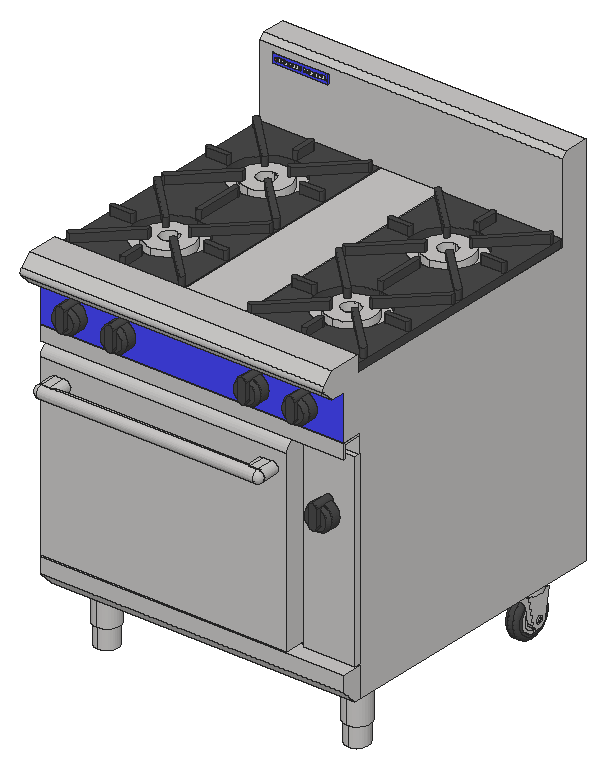
Revit family "QF_MOFFAT_BLUESEAL_CE_G54D", category Specialty Equipment, Revit 2012 (continued)
Lines and regions (mm)
  symbolic lines
    curve 138: arc (600, -152.5, 150) -> (685, -237.5, 150) -> (600, -322.5, 150) r 85
    curve 139: arc (600, -180.5, 150) -> (543, -237.5, 150) -> (600, -294.5, 150) r 57
    curve 140: arc (600, -294.5, 150) -> (657, -237.5, 150) -> (600, -180.5, 150) r 57
    curve 141: arc (600, -259.5, 150) -> (578, -237.5, 150) -> (600, -215.5, 150) r 22
    curve 142: arc (600, -215.5, 150) -> (622, -237.5, 150) -> (600, -259.5, 150) r 22
    curve 143: line (149.988, -331.778, 0) -> (149.988, -448.358, 0)
    curve 144: line (150.034, -681.268, 0) -> (150.034, -628.558, 0)
    curve 145: line (9.26, -537.634, 0) -> (59.26, -537.634, 0)
    curve 146: line (178.593, -512.407, 0) -> (291.73, -399.27, 0)
    curve 147: line (291.767, -537.634, 0) -> (240.041, -537.634, 0)
    curve 148: arc (150, -480.5, 150) -> (207, -537.5, 150) -> (150, -594.5, 150) r 57
    curve 149: arc (150, -594.5, 150) -> (93, -537.5, 150) -> (150, -480.5, 150) r 57
    curve 150: arc (150, -622.768, 150) -> (235, -537.768, 150) -> (150, -452.768, 150) r 85
    curve 151: arc (150, -452.768, 150) -> (65, -537.768, 150) -> (150, -622.768, 150) r 85
    curve 152: arc (150, -515.5, 150) -> (128, -537.5, 150) -> (150, -559.5, 150) r 22
    curve 153: arc (150, -559.5, 150) -> (172, -537.5, 150) -> (150, -515.5, 150) r 22
    curve 154: line (121.407, -512.407, 0) -> (8.27, -399.27, 0)
    curve 155: line (178.593, -562.593, 0) -> (291.73, -675.73, 0)
    curve 156: line (121.407, -562.593, 0) -> (8.27, -675.73, 0)
    curve 157: line (150.034, -96.281, 0) -> (150.034, -149.16, 0)
    curve 158: line (178.593, -269.593, 0) -> (291.73, -382.73, 0)
    curve 159: line (121.407, -269.593, 0) -> (8.27, -382.73, 0)
    curve 160: line (9.26, -241, 0) -> (59.26, -241, 0)
    curve 161: line (291.767, -241, 0) -> (240.041, -241, 0)
    curve 162: arc (150, -322.5, 150) -> (235, -237.5, 150) -> (150, -152.5, 150) r 85
    curve 163: arc (150, -152.5, 150) -> (65, -237.5, 150) -> (150, -322.5, 150) r 85
    curve 164: arc (150, -180.5, 150) -> (207, -237.5, 150) -> (150, -294.5, 150) r 57
    curve 165: arc (150, -294.5, 150) -> (93, -237.5, 150) -> (150, -180.5, 150) r 57
    curve 166: arc (150, -259.5, 150) -> (172, -237.5, 150) -> (150, -215.5, 150) r 22
    curve 167: arc (150, -215.5, 150) -> (128, -237.5, 150) -> (150, -259.5, 150) r 22
    curve 168: line (178.593, -205.407, 0) -> (291.73, -92.27, 0)
    curve 169: line (121.407, -205.407, 0) -> (8.27, -92.27, 0)
    curve 170: line (32.794, -18.385, 150) -> (260.753, -18.385, 150)
    curve 171: arc (260.753, -18.385, 150) -> (265.753, -19.725, 150) -> (269.413, -23.385, 150) r 10
    curve 172: line (269.413, -23.385, 150) -> (273.455, -30.385, 150)
    curve 173: arc (273.455, -30.385, 150) -> (273.455, -40.385, 150) -> (264.794, -45.385, 150) r 10
    curve 174: line (264.794, -45.385, 150) -> (36.836, -45.385, 150)
    curve 175: arc (36.836, -45.385, 150) -> (31.836, -44.045, 150) -> (28.176, -40.385, 150) r 10
    curve 176: line (28.176, -40.385, 150) -> (24.134, -33.385, 150)
    curve 177: arc (24.134, -33.385, 150) -> (24.134, -23.385, 150) -> (32.794, -18.385, 150) r 10
    curve 178: line (710.753, -18.385, 150) -> (482.794, -18.385, 150)
    curve 179: arc (482.794, -18.385, 150) -> (474.134, -23.385, 150) -> (474.134, -33.385, 150) r 10
    curve 180: line (474.134, -33.385, 150) -> (478.176, -40.385, 150)
    curve 181: arc (478.176, -40.385, 150) -> (481.836, -44.045, 150) -> (486.836, -45.385, 150) r 10
    curve 182: line (486.836, -45.385, 150) -> (714.794, -45.385, 150)
    curve 183: arc (714.794, -45.385, 150) -> (723.455, -40.385, 150) -> (723.455, -30.385, 150) r 10
    curve 184: line (723.455, -30.385, 150) -> (719.413, -23.385, 150)
    curve 185: arc (719.413, -23.385, 150) -> (715.753, -19.725, 150) -> (710.753, -18.385, 150) r 10
    curve 186: line (0, -783.97, 150) -> (750, -783.97, 150)
    curve 187: line (0, -57.5, 150) -> (750, -57.5, 150)
  symbolic lines, style "QF_Door-Drawer Clearances", visible <- "Show Clearance"
    curve 116: line (0, -812, 0) -> (0, -1211.516, 0)
    curve 117: line (0, -1211.516, 0) -> (610, -1211.516, 0)
    curve 118: line (610, -1211.516, 0) -> (610, -812, 0)
Dimensions and locks
  equal spacing: plane 3 "LEFT", plane 7 "Center Y", plane 4 "RIGHT"
  "Width": plane 3 "LEFT" to plane 4 "RIGHT"
  equal spacing: plane 5 "FRONT", plane 8 "Center X", plane 1 "BACK"
  "Depth": plane 5 "FRONT" to plane 1 "BACK"
  equal spacing: plane 4 "RIGHT", plane 7 "Center Y", plane 3 "LEFT"
  plane 4 "RIGHT" to plane 3 "LEFT" = 750 mm
  plane 6 "TOP" to level = 970 mm  (x2)
  Extrusion 2 to level = 655 mm
  Extrusion 2 to plane 1 "BACK" = 32 mm
  plane 5 "FRONT" to plane 1 "BACK" = 812 mm
  Extrusion 1 to level = 915 mm
  plane 10 "Base Height" to level = 150 mm
  plane 6 "TOP" to plane 2 = 970 mm
  locked: plane 2 to Extrusion 1 sketch curve at 875
  locked: plane 2 to Extrusion 1 sketch curve at 915
  Extrusion 4 sketch curve to plane 11 = 64.8 mm
  locked: plane 13 to plane 4 "RIGHT" at 65
  plane 14 to Extrusion 9 sketch curve = 64.8 mm
  plane 1 "BACK" to plane 15 = 500 mm
  plane 17 to level = 1085 mm
  Extrusion 29 sketch curve to plane 1 "BACK" = 501 mm
  Extrusion 29 sketch curve to plane 4 "RIGHT" = 74 mm
  "Height": plane 17 to level
  Revolve 33 sketch curve to Revolve 33 sketch curve = 50.8 mm
  Revolve 37 sketch curve to Revolve 37 sketch curve = 50.8 mm
  aligned and locked: level to plane 2
  aligned and locked: curve 3 to plane 4 "RIGHT"
  aligned and locked: Extrusion 4 to curve 7
  aligned and locked: Extrusion 1 to plane 4 "RIGHT"
  aligned and locked: Revolve 6 to plane 13  (x5)
  aligned and locked: Extrusion 7 to Extrusion 4
Automatic sketch dimensions
  plane 12 to Extrusion 2 sketch curve = 0.062 mm
  plane 1 "BACK" to Extrusion 2 sketch curve = 32 mm
  Revolve 3 sketch curve to plane 10 "Base Height" = 0 mm
  Revolve 3 sketch curve to level = 0 mm
  level to Revolve 3 sketch curve = 50 mm
  Revolve 3 sketch curve to plane 5 "FRONT" = 155.25 mm
  Revolve 3 sketch curve to Revolve 3 sketch curve = 4.25 mm
  Revolve 3 sketch curve to Revolve 3 sketch curve = 27.5 mm  (x2)
  Revolve 3 sketch curve to Revolve 3 sketch curve = 55 mm
  Revolve 3 sketch curve to Revolve 3 sketch curve = 0 mm
  Revolve 6 sketch curve to plane 10 "Base Height" = 0 mm
  Revolve 6 sketch curve to level = 0 mm
  level to Revolve 6 sketch curve = 50 mm
  Revolve 6 sketch curve to plane 5 "FRONT" = 155.25 mm
  Revolve 6 sketch curve to Revolve 6 sketch curve = 4.25 mm
  Revolve 6 sketch curve to Revolve 6 sketch curve = 27.5 mm  (x2)
  Revolve 6 sketch curve to Revolve 6 sketch curve = 0 mm
  Revolve 6 sketch curve to Revolve 6 sketch curve = 55 mm
  plane 12 to Extrusion 8 sketch curve = 5 mm
  Extrusion 8 sketch curve to plane 6 "TOP" = 277.5 mm
  Extrusion 8 sketch curve to plane 12 = 10 mm
  plane 10 "Base Height" to Extrusion 8 sketch curve = 77.5 mm
  Revolve 10 sketch curve to plane 5 "FRONT" = 63 mm
  Revolve 10 sketch curve to Revolve 10 sketch curve = 10 mm
  Revolve 10 sketch curve to Revolve 10 sketch curve = 21.3 mm
  Revolve 10 sketch curve to Revolve 10 sketch curve = 23 mm
  Revolve 10 sketch curve to plane 5 "FRONT" = 19 mm
  Revolve 10 sketch curve to Revolve 10 sketch curve = 0 mm  (x2)
  Revolve 10 sketch curve to plane 6 "TOP" = 174 mm
  Revolve 10 sketch curve to Revolve 10 sketch curve = 5 mm
  Revolve 10 sketch curve to Revolve 10 sketch curve = 26.651 mm
  Revolve 10 sketch curve to Revolve 10 sketch curve = 5.849 mm
  Revolve 11 sketch curve to plane 5 "FRONT" = 19 mm
  Revolve 11 sketch curve to Revolve 11 sketch curve = 0 mm  (x2)
  Revolve 11 sketch curve to Revolve 11 sketch curve = 11 mm
  Revolve 11 sketch curve to Revolve 11 sketch curve = 12.7 mm
  Revolve 11 sketch curve to Revolve 11 sketch curve = 23 mm
  Revolve 11 sketch curve to Revolve 11 sketch curve = 10 mm
  Revolve 11 sketch curve to plane 6 "TOP" = 141.732 mm
  Revolve 11 sketch curve to Revolve 11 sketch curve = 5.849 mm
  Revolve 11 sketch curve to Revolve 11 sketch curve = 27.5 mm
  Revolve 11 sketch curve to Revolve 11 sketch curve = 5 mm
  plane 3 "LEFT" to Extrusion 12 sketch curve = 100 mm
  Extrusion 12 sketch curve to Extrusion 12 sketch curve = 10 mm
  Extrusion 12 sketch curve to plane 6 "TOP" = 147.105 mm
  Extrusion 12 sketch curve to Extrusion 12 sketch curve = 39 mm
  Extrusion 13 sketch curve to plane 7 "Center Y" = 153.818 mm
  Extrusion 13 sketch curve to Extrusion 13 sketch curve = 10 mm
  Extrusion 13 sketch curve to plane 6 "TOP" = 147.105 mm
  Extrusion 13 sketch curve to Extrusion 13 sketch curve = 39 mm
  Revolve 14 sketch curve to plane 5 "FRONT" = 63 mm
  Revolve 14 sketch curve to Revolve 14 sketch curve = 10 mm
  Revolve 14 sketch curve to Revolve 14 sketch curve = 21.3 mm
  Revolve 14 sketch curve to Revolve 14 sketch curve = 23 mm
  Revolve 14 sketch curve to plane 5 "FRONT" = 19 mm
  Revolve 14 sketch curve to Revolve 14 sketch curve = 0 mm  (x2)
  Revolve 14 sketch curve to plane 6 "TOP" = 141.5 mm
  Revolve 14 sketch curve to Revolve 14 sketch curve = 5.849 mm
  Revolve 14 sketch curve to Revolve 14 sketch curve = 27.5 mm
  Revolve 14 sketch curve to Revolve 14 sketch curve = 5 mm
  Revolve 15 sketch curve to plane 5 "FRONT" = 19 mm
  Revolve 15 sketch curve to Revolve 15 sketch curve = 0 mm  (x2)
  Revolve 15 sketch curve to Revolve 15 sketch curve = 11 mm
  Revolve 15 sketch curve to Revolve 15 sketch curve = 12.7 mm
  Revolve 15 sketch curve to Revolve 15 sketch curve = 23 mm
  Revolve 15 sketch curve to Revolve 15 sketch curve = 10 mm
  Revolve 15 sketch curve to plane 6 "TOP" = 174.232 mm
  Revolve 15 sketch curve to Revolve 15 sketch curve = 5 mm
  Revolve 15 sketch curve to Revolve 15 sketch curve = 26.651 mm
  Revolve 15 sketch curve to Revolve 15 sketch curve = 5.849 mm
  plane 16 to Extrusion 16 sketch curve = 26 mm
  Extrusion 16 sketch curve to Extrusion 16 sketch curve = 10 mm
  Extrusion 16 sketch curve to plane 6 "TOP" = 186.105 mm
  Extrusion 16 sketch curve to Extrusion 16 sketch curve = 39 mm
  Extrusion 17 sketch curve to plane 12 = 90 mm
  Extrusion 17 sketch curve to Extrusion 17 sketch curve = 10 mm
  Extrusion 17 sketch curve to plane 6 "TOP" = 186.105 mm
  Extrusion 17 sketch curve to Extrusion 17 sketch curve = 39 mm
  Revolve 18 sketch curve to plane 5 "FRONT" = 54.5 mm
  Revolve 18 sketch curve to Revolve 18 sketch curve = 0 mm  (x2)
  Revolve 18 sketch curve to Revolve 18 sketch curve = 11 mm
  Revolve 18 sketch curve to Revolve 18 sketch curve = 12.7 mm
  Revolve 18 sketch curve to Revolve 18 sketch curve = 23 mm
  Revolve 18 sketch curve to Revolve 18 sketch curve = 10 mm
  plane 10 "Base Height" to Revolve 18 sketch curve = 402.134 mm
  Revolve 18 sketch curve to Revolve 18 sketch curve = 5 mm
  Revolve 18 sketch curve to Revolve 18 sketch curve = 26.651 mm
  Revolve 18 sketch curve to Revolve 18 sketch curve = 5.849 mm
  Extrusion 19 sketch curve to plane 16 = 1.529 mm
  Extrusion 19 sketch curve to plane 13 = 2.529 mm
  plane 10 "Base Height" to Extrusion 19 sketch curve = 390.261 mm
  Extrusion 19 sketch curve to Extrusion 19 sketch curve = 39 mm
  Extrusion 20 sketch curve to plane 5 "FRONT" = 63 mm
  plane 10 "Base Height" to Extrusion 20 sketch curve = 77.5 mm
  plane 5 "FRONT" to Extrusion 20 sketch curve = 399.516 mm
  plane 13 to Extrusion 21 sketch curve = 4 mm
  Extrusion 21 sketch curve to plane 12 = 20 mm
  Extrusion 21 sketch curve to plane 12 = 68.5 mm
  Extrusion 21 sketch curve to plane 1 "BACK" = 30.24 mm
  plane 1 "BACK" to Extrusion 21 sketch curve = 38.76 mm
  plane 9 to Extrusion 21 sketch curve = 12.74 mm
  plane 3 "LEFT" to Extrusion 24 sketch curve = 58.528 mm
  Extrusion 24 sketch curve to plane 6 "TOP" = 361.875 mm  (x2)
  Extrusion 24 sketch curve to plane 12 = 67.243 mm
  Extrusion 24 sketch curve to Extrusion 24 sketch curve = 15 mm  (x2)
  Extrusion 24 sketch curve to Extrusion 24 sketch curve = 20.282 mm  (x2)
  Revolve 25 sketch curve to plane 3 "LEFT" = 6.961 mm
  plane 3 "LEFT" to Revolve 25 sketch curve = 23.246 mm
  Revolve 25 sketch curve to Revolve 25 sketch curve = 15 mm
  Revolve 25 sketch curve to plane 12 = 46.961 mm
  Revolve 25 sketch curve to Revolve 25 sketch curve = 0 mm  (x2)
  Revolve 25 sketch curve to plane 6 "TOP" = 346.875 mm
  Extrusion 26 sketch curve to plane 5 "FRONT" = 63 mm
  Extrusion 26 sketch curve to Extrusion 26 sketch curve = 26.195 mm
  Extrusion 26 sketch curve to Extrusion 26 sketch curve = 50 mm
  plane 10 "Base Height" to Extrusion 26 sketch curve = 77.5 mm
  Extrusion 26 sketch curve to plane 6 "TOP" = 303.695 mm
  Extrusion 27 sketch curve to plane 5 "FRONT" = 63 mm
  Extrusion 27 sketch curve to Extrusion 27 sketch curve = 3.02 mm
  Extrusion 27 sketch curve to Extrusion 27 sketch curve = 44.98 mm
  Extrusion 27 sketch curve to plane 6 "TOP" = 267 mm
  Extrusion 27 sketch curve to Extrusion 27 sketch curve = 32 mm
  Extrusion 27 sketch curve to Extrusion 27 sketch curve = 3 mm
  Extrusion 28 sketch curve to plane 5 "FRONT" = 63 mm
  plane 9 to Extrusion 9 sketch curve = 29 mm
  Extrusion 9 sketch curve to Extrusion 9 sketch curve = 3 mm  (x3)
  Extrusion 9 sketch curve to plane 12 = 20 mm  (x2)
  Extrusion 9 sketch curve to plane 9 = 137.5 mm
  Extrusion 9 sketch curve to plane 15 = 37.768 mm
  Extrusion 9 sketch curve to plane 5 "FRONT" = 110 mm  (x2)
  plane 7 "Center Y" to Extrusion 9 sketch curve = 78 mm
  plane 9 to Extrusion 4 sketch curve = 29 mm
  Extrusion 4 sketch curve to Extrusion 4 sketch curve = 3 mm  (x3)
  Extrusion 4 sketch curve to plane 9 = 137.5 mm
  Extrusion 4 sketch curve to plane 15 = 37.768 mm
  Extrusion 4 sketch curve to plane 5 "FRONT" = 110 mm  (x2)
  Extrusion 4 sketch curve to plane 11 = 84.2 mm  (x2)
  Extrusion 4 sketch curve to plane 7 "Center Y" = 78 mm
  curve 121 to curve 125 = 0 mm  (x2)
  curve 137 to curve 139 = 0 mm  (x2)
  curve 137 to curve 141 = 0 mm  (x2)
  curve 148 to curve 152 = 0 mm
  curve 149 to curve 153 = 0 mm
  curve 163 to curve 165 = 0 mm  (x2)
  curve 163 to curve 166 = 0 mm
  curve 163 to curve 167 = 0 mm
  curve 121 to plane 12 = 20 mm
  curve 123 to curve 121 = 0 mm
  curve 137 to plane 12 = 20 mm
  curve 148 to plane 15 = 37.5 mm
  plane 3 "LEFT" to curve 148 = 150 mm
  curve 150 to curve 148 = 0 mm
  plane 3 "LEFT" to curve 162 = 150 mm
  curve 126 to plane 15 = 37.5 mm
  curve 152 to plane 15 = 15.5 mm
  curve 125 to plane 15 = 15.5 mm
  plane 15 to curve 122 = 19.5 mm
  plane 15 to curve 149 = 19.5 mm
  curve 151 to curve 148 = 27.732 mm
  curve 124 to curve 121 = 27.732 mm
  plane 8 "Center X" to curve 163 = 83.5 mm
  plane 8 "Center X" to curve 137 = 83.5 mm
  curve 140 to curve 137 = 28 mm
  curve 164 to curve 162 = 28 mm
  curve 142 to curve 139 = 35 mm
  curve 166 to curve 164 = 35 mm
  curve 139 to curve 142 = 22 mm
  curve 164 to curve 166 = 22 mm
  curve 121 to curve 123 = 0.268 mm
  curve 148 to curve 151 = 0.268 mm
  plane 1 "BACK" to curve 1 = 0 mm
  curve 1 to plane 3 "LEFT" = 0 mm
  curve 34 to plane 7 "Center Y" = 0 mm
  curve 100 to plane 7 "Center Y" = 0 mm
  curve 46 to plane 7 "Center Y" = 0 mm
  curve 94 to plane 7 "Center Y" = 0 mm
  curve 29 to plane 7 "Center Y" = 0 mm
  curve 106 to plane 7 "Center Y" = 0 mm
  curve 52 to plane 7 "Center Y" = 0 mm
  curve 23 to plane 7 "Center Y" = 0 mm
  curve 89 to plane 7 "Center Y" = 0 mm
  curve 58 to plane 7 "Center Y" = 0 mm
  curve 40 to plane 7 "Center Y" = 0 mm
  curve 17 to plane 7 "Center Y" = 0 mm
  curve 11 to plane 7 "Center Y" = 0 mm
  curve 64 to plane 7 "Center Y" = 0 mm
  curve 83 to plane 7 "Center Y" = 0 mm
  curve 70 to plane 7 "Center Y" = 0 mm
  curve 76 to plane 7 "Center Y" = 0 mm
  plane 5 "FRONT" to curve 118 = 0 mm
  plane 3 "LEFT" to curve 156 = 8.27 mm
  plane 3 "LEFT" to curve 159 = 8.27 mm
  plane 3 "LEFT" to curve 169 = 8.27 mm
  plane 3 "LEFT" to curve 154 = 8.27 mm
  plane 3 "LEFT" to curve 160 = 9.26 mm
  plane 3 "LEFT" to curve 145 = 9.26 mm
  curve 145 to curve 145 = 50 mm
  curve 160 to curve 160 = 50 mm
  curve 145 to curve 156 = 62.147 mm
  curve 160 to curve 159 = 62.147 mm
  curve 169 to curve 159 = 0 mm
  curve 154 to plane 15 = 12.407 mm
  curve 154 to curve 156 = 0 mm
  curve 154 to curve 143 = 28.581 mm
  curve 156 to curve 144 = 28.628 mm
  curve 169 to curve 157 = 28.628 mm
  curve 159 to curve 158 = 57.187 mm
  curve 169 to curve 168 = 57.187 mm
  curve 155 to plane 15 = 62.593 mm
  curve 156 to curve 155 = 57.187 mm
  curve 146 to plane 15 = 12.407 mm
  curve 146 to curve 155 = 0 mm
  curve 155 to curve 147 = 61.447 mm
  curve 158 to curve 161 = 61.447 mm
  plane 8 "Center X" to curve 158 = 23.27 mm
  curve 158 to curve 7 = 8.27 mm
  curve 155 to curve 119 = 8.27 mm
  plane 8 "Center X" to curve 146 = 6.73 mm
  curve 146 to curve 7 = 8.27 mm  (x2)
  plane 9 to curve 168 = 7.73 mm
  curve 168 to curve 119 = 8.27 mm
  curve 161 to curve 161 = 51.727 mm
  curve 147 to curve 147 = 51.727 mm
  curve 69 to plane 7 "Center Y" = 47.424 mm
  curve 147 to curve 81 = 35.809 mm
  plane 15 to curve 74 = 10.963 mm
  curve 74 to curve 68 = 0 mm
  curve 8 to plane 9 = 15.037 mm
  curve 168 to curve 8 = 35.846 mm
  curve 86 to curve 80 = 0 mm
  curve 63 to curve 68 = 0 mm
  curve 14 to curve 8 = 0 mm
  plane 8 "Center X" to curve 57 = 10.963 mm
  curve 57 to curve 62 = 0 mm
  curve 20 to curve 14 = 0 mm
  curve 92 to curve 86 = 0 mm
  curve 51 to curve 56 = 0 mm
  curve 155 to curve 105 = 35.846 mm
  curve 26 to curve 20 = 0 mm
  curve 45 to curve 50 = 0 mm
  curve 32 to curve 26 = 0 mm
  curve 98 to curve 104 = 0 mm
  curve 39 to curve 44 = 0 mm
  curve 67 to plane 8 "Center X" = 23.037 mm
  curve 64 to curve 67 = 47.424 mm
  curve 84 to plane 15 = 23.037 mm
  curve 82 to curve 84 = 47.424 mm
  curve 61 to curve 66 = 0 mm
  curve 55 to curve 60 = 0 mm
  curve 90 to curve 84 = 0 mm
  curve 49 to curve 54 = 0 mm
  curve 43 to curve 48 = 0 mm
  curve 96 to curve 90 = 0 mm
  curve 72 to curve 66 = 0 mm
  curve 37 to curve 42 = 0 mm
  curve 31 to curve 36 = 0 mm
  curve 102 to curve 96 = 0 mm
  curve 25 to curve 30 = 0 mm
  curve 19 to curve 24 = 0 mm
  curve 108 to curve 102 = 0 mm
  plane 15 to curve 78 = 10.963 mm
  curve 78 to curve 84 = 0 mm
  curve 12 to curve 18 = 0 mm
  curve 84 to curve 115 = 35.809 mm
  curve 36 to curve 136 = 35.809 mm
  plane 8 "Center X" to curve 131 = 23.27 mm
  curve 114 to curve 131 = 8.27 mm
  plane 8 "Center X" to curve 113 = 6.73 mm
  curve 114 to curve 113 = 8.27 mm
  plane 9 to curve 133 = 7.73 mm
  curve 120 to curve 133 = 8.27 mm
  curve 120 to curve 128 = 8.27 mm
  curve 115 to curve 115 = 51.727 mm
  curve 136 to curve 136 = 51.727 mm
  curve 133 to plane 12 = 48.593 mm
  curve 113 to plane 15 = 12.407 mm
  curve 113 to plane 12 = 48.593 mm
  curve 131 to plane 12 = 48.593 mm
  curve 128 to plane 12 = 48.593 mm
  plane 9 to curve 130 = 3.719 mm
  curve 130 to plane 12 = 20.034 mm
  curve 111 to plane 12 = 20.034 mm
  curve 110 to plane 12 = 19.988 mm
  curve 117 to plane 12 = 10 mm
  plane 12 to curve 127 = 8.593 mm
  plane 12 to curve 132 = 8.593 mm
  plane 12 to curve 134 = 8.593 mm
  plane 12 to curve 129 = 8.593 mm
  curve 112 to plane 13 = 5.74 mm
  curve 135 to plane 13 = 5.74 mm
  plane 4 "RIGHT" to curve 135 = 9.26 mm
  plane 4 "RIGHT" to curve 112 = 9.26 mm
  plane 4 "RIGHT" to curve 129 = 8.27 mm
  plane 4 "RIGHT" to curve 127 = 8.27 mm
  plane 4 "RIGHT" to curve 132 = 8.27 mm
  plane 4 "RIGHT" to curve 134 = 8.27 mm
  curve 116 to curve 1 = 399.516 mm
  curve 5 to plane 5 "FRONT" = 107 mm
  curve 119 to plane 5 "FRONT" = 107 mm
  curve 120 to plane 5 "FRONT" = 107 mm
  curve 111 to plane 5 "FRONT" = 130.732 mm
  curve 144 to curve 155 = 118.675 mm
  curve 119 to curve 155 = 29.27 mm
  curve 120 to curve 128 = 29.27 mm
  curve 5 to curve 129 = 29.27 mm
  curve 5 to curve 156 = 29.27 mm
  curve 155 to curve 104 = 8.693 mm
  curve 104 to curve 106 = 0 mm
  curve 128 to curve 108 = 8.693 mm
  curve 104 to curve 105 = 8 mm
  curve 108 to curve 109 = 8 mm
  curve 106 to curve 106 = 8 mm
  curve 108 to curve 102 = 18 mm
  curve 106 to curve 100 = 18 mm
  curve 104 to curve 98 = 18 mm
  curve 144 to curve 144 = 52.71 mm
  curve 111 to curve 111 = 52.71 mm
  curve 100 to curve 100 = 8 mm
  curve 98 to curve 99 = 8 mm
  curve 102 to curve 103 = 8 mm
  curve 102 to curve 96 = 18 mm
  curve 100 to curve 94 = 18 mm
  curve 98 to curve 93 = 18 mm
  curve 92 to curve 93 = 8 mm
  curve 96 to curve 97 = 8 mm
  curve 94 to curve 94 = 8 mm
  curve 96 to curve 90 = 18 mm
  curve 94 to curve 89 = 18 mm
  curve 92 to curve 86 = 18 mm
  curve 128 to curve 113 = 50.187 mm
  curve 156 to curve 154 = 50.187 mm
  curve 128 to curve 129 = 0 mm
  curve 90 to curve 90 = 8 mm
  curve 88 to curve 88 = 8 mm
  curve 86 to curve 87 = 8 mm
  curve 86 to curve 147 = 11.403 mm
  curve 112 to plane 15 = 37.634 mm
  curve 145 to plane 15 = 37.634 mm
  curve 90 to curve 115 = 11.403 mm
  curve 86 to curve 80 = 18 mm
  curve 88 to curve 83 = 18 mm
  curve 85 to curve 84 = 8 mm
  curve 82 to curve 83 = 8 mm
  curve 80 to curve 81 = 8 mm
  curve 127 to plane 15 = 12.407 mm
  plane 15 to curve 79 = 2.963 mm
  plane 15 to curve 74 = 2.963 mm
  plane 15 to curve 77 = 2.963 mm
  curve 76 to curve 77 = 8 mm
  curve 78 to curve 72 = 18 mm
  curve 76 to curve 71 = 18 mm
  curve 74 to curve 69 = 18 mm
  curve 70 to curve 71 = 8 mm
  curve 68 to curve 69 = 8 mm
  curve 72 to curve 72 = 8 mm
  curve 110 to plane 8 "Center X" = 42.358 mm
  curve 143 to plane 8 "Center X" = 42.358 mm
  curve 70 to curve 65 = 18 mm
  curve 68 to curve 62 = 18 mm
  curve 62 to curve 63 = 8 mm
  curve 66 to curve 67 = 8 mm
  curve 64 to curve 64 = 8 mm
  plane 8 "Center X" to curve 154 = 6.73 mm
  plane 8 "Center X" to curve 127 = 6.73 mm
  plane 8 "Center X" to curve 59 = 10.963 mm
  plane 8 "Center X" to curve 60 = 10.963 mm
  curve 127 to curve 114 = 8.27 mm
  curve 56 to curve 56 = 8 mm
  curve 60 to curve 61 = 8 mm
  curve 58 to curve 59 = 8 mm
  curve 114 to curve 132 = 8.27 mm
  curve 7 to curve 159 = 8.27 mm
  curve 60 to curve 54 = 18 mm
  curve 56 to curve 50 = 18 mm
  curve 58 to curve 53 = 18 mm
  curve 54 to curve 54 = 8 mm
  curve 50 to curve 51 = 8 mm
  curve 52 to curve 53 = 8 mm
  plane 8 "Center X" to curve 143 = 74.222 mm
  curve 50 to curve 44 = 18 mm
  curve 52 to curve 46 = 18 mm
  curve 54 to curve 49 = 18 mm
  plane 8 "Center X" to curve 110 = 80 mm
  curve 44 to curve 44 = 8 mm
  curve 48 to curve 49 = 8 mm
  curve 46 to curve 46 = 8 mm
  curve 48 to curve 43 = 18 mm
  curve 46 to curve 40 = 18 mm
  curve 44 to curve 38 = 18 mm
  curve 42 to curve 43 = 8 mm
  curve 40 to curve 41 = 8 mm
  curve 38 to curve 38 = 8 mm
  curve 110 to curve 131 = 56.407 mm
  curve 143 to curve 159 = 62.185 mm
  curve 131 to curve 132 = 0 mm
  curve 159 to curve 158 = 0 mm
  curve 40 to curve 35 = 18 mm
  curve 38 to curve 33 = 18 mm
  curve 42 to curve 36 = 18 mm
  curve 36 to curve 36 = 8 mm
  curve 32 to curve 32 = 8 mm
  curve 34 to curve 34 = 8 mm
  curve 158 to curve 161 = 28.593 mm
  curve 132 to curve 135 = 28.593 mm
  curve 36 to curve 136 = 2.037 mm
  curve 159 to curve 160 = 28.593 mm
  curve 34 to curve 28 = 18 mm
  curve 32 to curve 26 = 18 mm
  curve 36 to curve 31 = 18 mm
  curve 30 to curve 31 = 8 mm
  curve 26 to curve 27 = 8 mm
  curve 28 to curve 29 = 8 mm
  curve 159 to curve 169 = 64.187 mm
  curve 132 to curve 134 = 64.187 mm
  curve 133 to curve 134 = 0 mm
  curve 169 to curve 168 = 0 mm
  curve 26 to curve 20 = 18 mm
  curve 28 to curve 22 = 18 mm
  curve 30 to curve 24 = 18 mm
  curve 20 to curve 21 = 8 mm
  curve 24 to curve 25 = 8 mm
  curve 22 to curve 22 = 8 mm
  curve 24 to curve 18 = 18 mm
  curve 20 to curve 15 = 18 mm
  curve 22 to curve 16 = 18 mm
  curve 130 to plane 9 = 49.16 mm
  curve 157 to plane 9 = 49.16 mm
  curve 18 to curve 19 = 8 mm
  curve 14 to curve 14 = 8 mm
  curve 16 to curve 17 = 8 mm
  curve 8 to curve 8 = 8 mm
  curve 16 to curve 10 = 18 mm
  curve 18 to curve 12 = 18 mm
  curve 10 to curve 10 = 8 mm
  curve 12 to curve 13 = 8 mm
  plane 9 to curve 157 = 3.719 mm
  plane 9 to curve 169 = 7.73 mm
  plane 9 to curve 134 = 7.73 mm
  curve 133 to curve 120 = 18.27 mm
  curve 168 to curve 119 = 22.27 mm
  Extrusion 1 sketch curve to plane 10 "Base Height" = 0 mm
  Extrusion 1 sketch curve to plane 17 = 0 mm
  Extrusion 1 sketch curve to plane 1 "BACK" = 0 mm
  plane 9 to Extrusion 1 sketch curve = 42.5 mm
  Extrusion 1 sketch curve to Extrusion 1 sketch curve = 12.5 mm
  Extrusion 1 sketch curve to plane 5 "FRONT" = 107 mm
  Extrusion 1 sketch curve to plane 5 "FRONT" = 113 mm
  Extrusion 1 sketch curve to Extrusion 1 sketch curve = 50 mm
  Extrusion 1 sketch curve to plane 5 "FRONT" = 28.03 mm
  Extrusion 1 sketch curve to plane 5 "FRONT" = 27.03 mm
  Extrusion 1 sketch curve to plane 5 "FRONT" = 12.032 mm
  Extrusion 1 sketch curve to plane 5 "FRONT" = 3.531 mm  (x2)
  Extrusion 1 sketch curve to Extrusion 1 sketch curve = 135 mm
  Extrusion 1 sketch curve to Extrusion 1 sketch curve = 25 mm
  Extrusion 1 sketch curve to Extrusion 1 sketch curve = 23.499 mm
  Extrusion 1 sketch curve to Extrusion 1 sketch curve = 8.501 mm
  Extrusion 1 sketch curve to plane 17 = 12.5 mm
  Extrusion 1 to Extrusion 7 sketch curve = 0 mm
  Extrusion 7 sketch curve to Extrusion 1 = 1 mm
  Extrusion 1 to Extrusion 7 sketch curve = 300 mm
  Extrusion 7 sketch curve to Extrusion 7 sketch curve = 150 mm
  Split face 1 sketch curve to Extrusion 7 = 45.037 mm
  Split face 1 sketch curve to Extrusion 7 = 27.576 mm
  Split face 2 sketch curve to Extrusion 7 = 45.037 mm
  Split face 2 sketch curve to Extrusion 7 = 75 mm
  Split face 3 sketch curve to Extrusion 7 = 45.037 mm
  Split face 3 sketch curve to Extrusion 7 = 27.576 mm
  Split face 4 sketch curve to Extrusion 7 = 27.576 mm
  Split face 4 sketch curve to Extrusion 7 = 79.037 mm
  Split face 5 sketch curve to Extrusion 7 = 79.037 mm
  Split face 5 sketch curve to Extrusion 7 = 75 mm
  Split face 6 sketch curve to Extrusion 7 = 27.576 mm
  Split face 6 sketch curve to Extrusion 7 = 79.037 mm
  Split face 7 sketch curve to Extrusion 7 = 27.576 mm
  Split face 7 sketch curve to Extrusion 7 = 113.037 mm
  Split face 8 sketch curve to Extrusion 7 = 113.037 mm
  Split face 8 sketch curve to Extrusion 7 = 75 mm
  Split face 9 sketch curve to Extrusion 7 = 27.576 mm
  Split face 9 sketch curve to Extrusion 7 = 113.037 mm
  Split face 10 sketch curve to Extrusion 7 = 27.576 mm
  Split face 10 sketch curve to Extrusion 7 = 147.037 mm
  Split face 11 sketch curve to Extrusion 7 = 147.037 mm
  Split face 11 sketch curve to Extrusion 7 = 75 mm
  Split face 12 sketch curve to Extrusion 7 = 27.576 mm
  Split face 12 sketch curve to Extrusion 7 = 147.037 mm
  Split face 13 sketch curve to Extrusion 7 = 27.576 mm
  Split face 13 sketch curve to Extrusion 7 = 181.037 mm
  Split face 14 sketch curve to Extrusion 7 = 75 mm
  Split face 14 sketch curve to Extrusion 7 = 181.037 mm
  Split face 15 sketch curve to Extrusion 7 = 27.576 mm
  Split face 15 sketch curve to Extrusion 7 = 181.037 mm
  Split face 16 sketch curve to Extrusion 7 = 27.576 mm
  Split face 16 sketch curve to Extrusion 7 = 215.037 mm
  Split face 17 sketch curve to Extrusion 7 = 75 mm
  Split face 17 sketch curve to Extrusion 7 = 215.037 mm
  Split face 18 sketch curve to Extrusion 7 = 27.576 mm
  Split face 18 sketch curve to Extrusion 7 = 215.037 mm
  Split face 19 sketch curve to Extrusion 7 = 27.576 mm
  Split face 19 sketch curve to Extrusion 7 = 249.037 mm
  Split face 20 sketch curve to Extrusion 7 = 75 mm
  Split face 20 sketch curve to Extrusion 7 = 249.037 mm
  Split face 21 sketch curve to Extrusion 7 = 27.576 mm
  Split face 21 sketch curve to Extrusion 7 = 249.037 mm
  Split face 22 sketch curve to Extrusion 7 = 27.576 mm
  Split face 22 sketch curve to Extrusion 7 = 283.037 mm
  Split face 23 sketch curve to Extrusion 7 = 75 mm
  Split face 23 sketch curve to Extrusion 7 = 283.037 mm
  Split face 24 sketch curve to Extrusion 7 = 27.576 mm
  Split face 24 sketch curve to Extrusion 7 = 283.037 mm
  Split face 25 sketch curve to Extrusion 7 = 27.576 mm
  Split face 25 sketch curve to Extrusion 7 = 316.963 mm
  Split face 26 sketch curve to Extrusion 7 = 75 mm
  Split face 26 sketch curve to Extrusion 7 = 316.963 mm
  Split face 27 sketch curve to Extrusion 7 = 27.576 mm
  Split face 27 sketch curve to Extrusion 7 = 316.963 mm
  Split face 28 sketch curve to Extrusion 7 = 27.576 mm
  Split face 28 sketch curve to Extrusion 7 = 282.963 mm
  Split face 29 sketch curve to Extrusion 7 = 75 mm
  Split face 29 sketch curve to Extrusion 7 = 282.963 mm
  Split face 30 sketch curve to Extrusion 7 = 27.576 mm
  Split face 30 sketch curve to Extrusion 7 = 282.963 mm
  Split face 31 sketch curve to Extrusion 7 = 27.576 mm
  Split face 31 sketch curve to Extrusion 7 = 248.963 mm
  Split face 32 sketch curve to Extrusion 7 = 75 mm
  Split face 32 sketch curve to Extrusion 7 = 248.963 mm
  Split face 33 sketch curve to Extrusion 7 = 27.576 mm
  Split face 33 sketch curve to Extrusion 7 = 248.963 mm
  Split face 34 sketch curve to Extrusion 7 = 27.576 mm
  Split face 34 sketch curve to Extrusion 7 = 214.963 mm
  Split face 35 sketch curve to Extrusion 7 = 75 mm
  Split face 35 sketch curve to Extrusion 7 = 214.963 mm
  Split face 36 sketch curve to Extrusion 7 = 27.576 mm
  Split face 36 sketch curve to Extrusion 7 = 214.963 mm
  Split face 37 sketch curve to Extrusion 7 = 27.576 mm
  Split face 37 sketch curve to Extrusion 7 = 180.963 mm
  Split face 38 sketch curve to Extrusion 7 = 75 mm
  Split face 38 sketch curve to Extrusion 7 = 180.963 mm
  Split face 39 sketch curve to Extrusion 7 = 27.576 mm
  Split face 39 sketch curve to Extrusion 7 = 180.963 mm
  Split face 40 sketch curve to Extrusion 7 = 27.576 mm
  Split face 40 sketch curve to Extrusion 7 = 146.963 mm
  Split face 41 sketch curve to Extrusion 7 = 146.963 mm
  Split face 41 sketch curve to Extrusion 7 = 75 mm
  Split face 42 sketch curve to Extrusion 7 = 27.576 mm
  Split face 42 sketch curve to Extrusion 7 = 146.963 mm
  Split face 43 sketch curve to Extrusion 7 = 27.576 mm
  Split face 43 sketch curve to Extrusion 7 = 112.963 mm
  Split face 44 sketch curve to Extrusion 7 = 112.963 mm
  Split face 44 sketch curve to Extrusion 7 = 75 mm
  Split face 45 sketch curve to Extrusion 7 = 27.576 mm
  Split face 45 sketch curve to Extrusion 7 = 112.963 mm
  Split face 46 sketch curve to Extrusion 7 = 27.576 mm
  Split face 46 sketch curve to Extrusion 7 = 78.963 mm
  Split face 47 sketch curve to Extrusion 7 = 78.963 mm
  Split face 47 sketch curve to Extrusion 7 = 75 mm
  Split face 48 sketch curve to Extrusion 7 = 27.576 mm
  Split face 48 sketch curve to Extrusion 7 = 78.963 mm
  Split face 49 sketch curve to Extrusion 7 = 44.963 mm
  Split face 49 sketch curve to Extrusion 7 = 27.576 mm
  Split face 50 sketch curve to Extrusion 7 = 44.963 mm
  Split face 50 sketch curve to Extrusion 7 = 75 mm
  Split face 51 sketch curve to Extrusion 7 = 44.963 mm
  Split face 51 sketch curve to Extrusion 7 = 27.576 mm
  plane 4 "RIGHT" to Extrusion 22 sketch curve = 0 mm
  Extrusion 22 sketch curve to plane 6 "TOP" = 270 mm
  plane 12 to Extrusion 22 sketch curve = 5 mm
  plane 10 "Base Height" to Extrusion 22 sketch curve = 77.5 mm
  Extrusion 23 sketch curve to Extrusion 23 sketch curve = 0 mm  (x8)
  Extrusion 1 to Extrusion 23 sketch curve = 167.5 mm  (x2)
  Extrusion 23 sketch curve to Extrusion 1 = 167.5 mm  (x2)
  Extrusion 1 to Extrusion 23 sketch curve = 150 mm  (x4)
  Extrusion 5 sketch curve to Extrusion 4 = 19.102 mm  (x4)
  Extrusion 5 sketch curve to Extrusion 5 sketch curve = 4.525 mm  (x32)
  Extrusion 5 sketch curve to Extrusion 4 = 27.593 mm  (x2)
  Extrusion 5 sketch curve to Extrusion 5 sketch curve = 48.456 mm  (x8)
  Extrusion 5 sketch curve to Extrusion 5 sketch curve = 50.976 mm  (x2)
  Extrusion 5 sketch curve to Extrusion 5 sketch curve = 0 mm  (x8)
  Extrusion 5 sketch curve to Extrusion 5 sketch curve = 27.39 mm  (x4)
  Extrusion 5 sketch curve to Extrusion 4 = 9.156 mm  (x2)
  Extrusion 5 sketch curve to Extrusion 5 sketch curve = 6.4 mm  (x14)
  Extrusion 5 sketch curve to Extrusion 5 sketch curve = 20.658 mm  (x4)
  Extrusion 5 sketch curve to Extrusion 5 sketch curve = 55.923 mm  (x2)
  Extrusion 5 sketch curve to Extrusion 4 = 5.102 mm  (x3)
  Extrusion 5 sketch curve to Extrusion 5 sketch curve = 128.581 mm  (x4)
  Extrusion 4 to Extrusion 5 sketch curve = 156.102 mm  (x3)
  Extrusion 5 sketch curve to Extrusion 4 = 6.102 mm  (x2)
  Extrusion 5 sketch curve to Extrusion 4 = 14.153 mm
  Extrusion 5 sketch curve to Extrusion 5 sketch curve = 12.205 mm  (x4)
  Extrusion 5 sketch curve to Extrusion 5 sketch curve = 112.454 mm  (x2)
  Extrusion 5 sketch curve to Extrusion 5 sketch curve = 59.673 mm  (x2)
  Extrusion 5 sketch curve to Extrusion 5 sketch curve = 17.024 mm  (x4)
  Extrusion 5 sketch curve to Extrusion 5 sketch curve = 46.847 mm  (x4)
  Extrusion 5 sketch curve to Extrusion 5 sketch curve = 62.169 mm  (x2)
  Extrusion 5 sketch curve to Extrusion 4 = 36.153 mm  (x4)
  Extrusion 5 sketch curve to Extrusion 4 = 23.4 mm  (x2)
  Extrusion 5 sketch curve to Extrusion 5 sketch curve = 55.413 mm  (x5)
  Extrusion 5 sketch curve to Extrusion 5 sketch curve = 20.524 mm  (x6)
  Extrusion 5 sketch curve to Extrusion 5 sketch curve = 53.847 mm  (x8)
  Extrusion 5 sketch curve to Extrusion 4 = 58.364 mm  (x2)
  Extrusion 5 sketch curve to Extrusion 4 = 15.153 mm
  Extrusion 5 sketch curve to Extrusion 4 = 9.908 mm  (x2)
  Extrusion 5 sketch curve to Extrusion 5 sketch curve = 9.051 mm
  Extrusion 5 sketch curve to Extrusion 5 sketch curve = 3.806 mm  (x2)
  Extrusion 5 sketch curve to Extrusion 5 sketch curve = 55.661 mm  (x3)
  Extrusion 5 sketch curve to Extrusion 5 sketch curve = 128.447 mm  (x3)
  curve 12 to curve 120 = 27.576 mm
  Split face 52 sketch curve to cut or joined group of Extrusion 1, Extrusion 8, Extrusion 21, Extrusion 22 = 27.115 mm
  Split face 52 sketch curve to cut or joined group of Extrusion 1, Extrusion 8, Extrusion 21, Extrusion 22 = 476.545 mm
  Split face 52 sketch curve to cut or joined group of Extrusion 1, Extrusion 8, Extrusion 21, Extrusion 22 = 23.385 mm
  Split face 52 sketch curve to Split face 52 sketch curve = 4.041 mm  (x4)
  Split face 52 sketch curve to Split face 52 sketch curve = 8.66 mm  (x2)
  Split face 52 sketch curve to cut or joined group of Extrusion 1, Extrusion 8, Extrusion 21, Extrusion 22 = 22.115 mm
  Split face 52 sketch curve to Split face 52 sketch curve = 223.917 mm
  Split face 52 sketch curve to cut or joined group of Extrusion 1, Extrusion 8, Extrusion 21, Extrusion 22 = 17.115 mm
  Split face 52 sketch curve to Split face 52 sketch curve = 17 mm
  Split face 52 sketch curve to Split face 52 sketch curve = 7 mm
  Split face 53 sketch curve to cut or joined group of Extrusion 1, Extrusion 8, Extrusion 21, Extrusion 22 = 27.115 mm
  Split face 53 sketch curve to cut or joined group of Extrusion 1, Extrusion 8, Extrusion 21, Extrusion 22 = 26.545 mm
  Split face 53 sketch curve to cut or joined group of Extrusion 1, Extrusion 8, Extrusion 21, Extrusion 22 = 23.385 mm
  Split face 53 sketch curve to Split face 53 sketch curve = 4.041 mm  (x4)
  Split face 53 sketch curve to Split face 53 sketch curve = 8.66 mm  (x2)
  Split face 53 sketch curve to cut or joined group of Extrusion 1, Extrusion 8, Extrusion 21, Extrusion 22 = 22.115 mm
  Split face 53 sketch curve to Split face 53 sketch curve = 223.917 mm
  Split face 53 sketch curve to cut or joined group of Extrusion 1, Extrusion 8, Extrusion 21, Extrusion 22 = 17.115 mm
  Split face 53 sketch curve to Split face 53 sketch curve = 17 mm
  Split face 53 sketch curve to Split face 53 sketch curve = 7 mm
  plane 1 "BACK" to curve 172 = 30.385 mm
  curve 172 to plane 7 "Center Y" = 101.545 mm
  plane 1 "BACK" to curve 172 = 23.385 mm
  curve 172 to curve 172 = 4.041 mm
  curve 172 to curve 173 = 8.66 mm
  curve 172 to curve 171 = 8.66 mm
  plane 3 "LEFT" to curve 174 = 36.836 mm
  curve 175 to curve 170 = 4.041 mm
  curve 174 to curve 175 = 8.66 mm
  curve 176 to curve 177 = 4.041 mm
  plane 1 "BACK" to curve 170 = 18.385 mm
  curve 170 to curve 177 = 10 mm
  curve 171 to curve 173 = 7 mm
  curve 177 to curve 175 = 7 mm
  curve 178 to plane 13 = 25.753 mm
  curve 183 to curve 185 = 4.041 mm  (x2)
  curve 185 to curve 185 = 8.66 mm
  plane 1 "BACK" to curve 181 = 35.385 mm
  plane 7 "Center Y" to curve 181 = 111.836 mm
  curve 181 to curve 179 = 4.041 mm
  curve 182 to curve 181 = 8.66 mm
  plane 1 "BACK" to curve 180 = 33.385 mm
  curve 180 to curve 180 = 4.041 mm
  plane 1 "BACK" to curve 185 = 18.385 mm
  curve 185 to curve 184 = 5 mm
  curve 185 to curve 183 = 7 mm  (x2)
  Extrusion 30 sketch curve to plane 9 = 0 mm
  Extrusion 30 sketch curve to plane 9 = 19.393 mm
  Extrusion 30 sketch curve to plane 9 = 31.75 mm
  plane 9 to Extrusion 30 sketch curve = 19.393 mm
  plane 9 to Extrusion 30 sketch curve = 31.75 mm
  level to Extrusion 30 sketch curve = 45.111 mm
  Extrusion 30 sketch curve to Extrusion 30 sketch curve = 4.889 mm
  Extrusion 30 sketch curve to plane 10 "Base Height" = 40 mm
  Revolve 31 sketch curve to plane 10 "Base Height" = 0 mm
  Revolve 31 sketch curve to plane 9 = 0 mm  (x2)
  Revolve 31 sketch curve to Revolve 31 sketch curve = 35.75 mm
  Revolve 31 sketch curve to plane 10 "Base Height" = 40 mm
  level to Revolve 31 sketch curve = 50 mm
  Revolve 31 sketch curve to level = 55 mm
  Revolve 32 sketch curve to plane 10 "Base Height" = 0 mm
  Revolve 32 sketch curve to plane 9 = 0 mm  (x2)
  Revolve 32 sketch curve to plane 9 = 35.75 mm
  Revolve 32 sketch curve to plane 10 "Base Height" = 40 mm
  level to Revolve 32 sketch curve = 50 mm
  Revolve 32 sketch curve to level = 55 mm
  plane 16 to Revolve 33 sketch curve = 25.382 mm
  Revolve 33 sketch curve to Revolve 33 sketch curve = 1.27 mm  (x4)
  Revolve 33 sketch curve to Revolve 33 sketch curve = 1.524 mm  (x2)
  plane 16 to Revolve 33 sketch curve = 10.442 mm
  plane 16 to Revolve 33 sketch curve = 7.68 mm
  Revolve 33 sketch curve to Revolve 33 sketch curve = 0.794 mm  (x2)
  Revolve 33 sketch curve to Revolve 33 sketch curve = 3.57 mm
  Revolve 33 sketch curve to Revolve 33 sketch curve = 2.143 mm
  Revolve 33 sketch curve to plane 16 = 2.639 mm
  Revolve 33 sketch curve to plane 13 = 5.13 mm
  Revolve 33 sketch curve to plane 13 = 6.339 mm
  Revolve 33 sketch curve to plane 13 = 14.515 mm
  Revolve 33 sketch curve to Revolve 33 sketch curve = 1.349 mm  (x2)
  Revolve 33 sketch curve to Revolve 33 sketch curve = 3.556 mm
  Revolve 33 sketch curve to Revolve 33 sketch curve = 12.146 mm
  Revolve 33 sketch curve to plane 4 "RIGHT" = 2.68 mm
  level to Revolve 33 sketch curve = 50.8 mm
  Revolve 33 sketch curve to Revolve 33 sketch curve = 0 mm
  Revolve 33 sketch curve to Revolve 33 sketch curve = 3.505 mm  (x2)
  Revolve 33 sketch curve to Revolve 33 sketch curve = 3.447 mm  (x2)
  Revolve 33 sketch curve to Revolve 33 sketch curve = 9.964 mm
  Revolve 33 sketch curve to Revolve 33 sketch curve = 10.045 mm
  Revolve 33 sketch curve to Revolve 33 sketch curve = 2.053 mm
  Revolve 33 sketch curve to Revolve 33 sketch curve = 2.061 mm
  Revolve 33 sketch curve to Revolve 33 sketch curve = 8.247 mm
  Revolve 33 sketch curve to Revolve 33 sketch curve = 8.336 mm
  Revolve 33 sketch curve to Revolve 33 sketch curve = 6.35 mm  (x2)
  Extrusion 34 sketch curve to plane 9 = 0 mm
  Extrusion 34 sketch curve to plane 9 = 19.393 mm
  Extrusion 34 sketch curve to plane 9 = 31.75 mm
  plane 9 to Extrusion 34 sketch curve = 19.393 mm
  plane 9 to Extrusion 34 sketch curve = 31.75 mm
  level to Extrusion 34 sketch curve = 45.111 mm
  Extrusion 34 sketch curve to Extrusion 34 sketch curve = 4.889 mm
  Extrusion 34 sketch curve to plane 10 "Base Height" = 40 mm
  Revolve 35 sketch curve to plane 10 "Base Height" = 0 mm
  Revolve 35 sketch curve to level = 0 mm
  Revolve 35 sketch curve to plane 9 = 0 mm  (x2)
  Revolve 35 sketch curve to Revolve 35 sketch curve = 27.5 mm
  Revolve 35 sketch curve to Revolve 35 sketch curve = 31.75 mm
  Revolve 35 sketch curve to level = 55 mm
  Revolve 35 sketch curve to Revolve 35 sketch curve = 50 mm
  Revolve 35 sketch curve to Revolve 35 sketch curve = 0 mm
  Revolve 36 sketch curve to plane 10 "Base Height" = 0 mm
  Revolve 36 sketch curve to level = 0 mm
  Revolve 36 sketch curve to plane 9 = 0 mm  (x2)
  Revolve 36 sketch curve to Revolve 36 sketch curve = 27.5 mm
  Revolve 36 sketch curve to Revolve 36 sketch curve = 31.75 mm
  level to Revolve 36 sketch curve = 50 mm
  Revolve 36 sketch curve to Revolve 36 sketch curve = 0 mm
  Revolve 36 sketch curve to Revolve 36 sketch curve = 55 mm
  plane 3 "LEFT" to Revolve 37 sketch curve = 99.382 mm
  Revolve 37 sketch curve to Revolve 37 sketch curve = 1.27 mm  (x4)
  Revolve 37 sketch curve to Revolve 37 sketch curve = 1.524 mm  (x2)
  Revolve 37 sketch curve to Revolve 37 sketch curve = 12.146 mm  (x2)
  Revolve 37 sketch curve to Revolve 37 sketch curve = 2.762 mm
  Revolve 37 sketch curve to Revolve 37 sketch curve = 0.794 mm  (x2)
  Revolve 37 sketch curve to Revolve 37 sketch curve = 3.57 mm
  Revolve 37 sketch curve to Revolve 37 sketch curve = 2.143 mm
  Revolve 37 sketch curve to Revolve 37 sketch curve = 9.525 mm
  Revolve 37 sketch curve to Revolve 37 sketch curve = 24.572 mm
  Revolve 37 sketch curve to Revolve 37 sketch curve = 12.7 mm
  Revolve 37 sketch curve to Revolve 37 sketch curve = 8.176 mm
  Revolve 37 sketch curve to Revolve 37 sketch curve = 1.349 mm  (x2)
  Revolve 37 sketch curve to Revolve 37 sketch curve = 3.556 mm
  Revolve 37 sketch curve to plane 3 "LEFT" = 2.68 mm
  Revolve 37 sketch curve to plane 10 "Base Height" = 48.4 mm
  Revolve 37 sketch curve to Revolve 37 sketch curve = 6.35 mm  (x4)
  Revolve 37 sketch curve to Revolve 37 sketch curve = 8.247 mm
  Revolve 37 sketch curve to Revolve 37 sketch curve = 8.336 mm
  Revolve 37 sketch curve to Revolve 37 sketch curve = 2.061 mm
  Revolve 37 sketch curve to Revolve 37 sketch curve = 2.053 mm
  Revolve 37 sketch curve to Revolve 37 sketch curve = 10.045 mm
  Revolve 37 sketch curve to Revolve 37 sketch curve = 9.964 mm
  Revolve 37 sketch curve to Revolve 37 sketch curve = 3.447 mm  (x2)
  Revolve 37 sketch curve to Revolve 37 sketch curve = 3.505 mm
  Extrusion 28 sketch curve to plane 10 "Base Height" = 0 mm
  Extrusion 28 sketch curve to Extrusion 28 sketch curve = 36 mm
  Extrusion 28 sketch curve to Extrusion 28 sketch curve = 14 mm
  plane 10 "Base Height" to Extrusion 28 sketch curve = 36 mm
  Extrusion 28 sketch curve to Extrusion 28 sketch curve = 36.5 mm
  radius of Extrusion 2 sketch curve = 13.5 mm
  radius of Extrusion 9 sketch curve = 85 mm  (x2)
  radius of Extrusion 4 sketch curve = 85 mm  (x2)
  radius of Split face 1 sketch curve = 8 mm
  radius of Split face 2 sketch curve = 8 mm
  radius of Split face 3 sketch curve = 8 mm
  radius of Split face 4 sketch curve = 8 mm
  radius of Split face 5 sketch curve = 8 mm
  radius of Split face 6 sketch curve = 8 mm
  radius of Split face 7 sketch curve = 8 mm
  radius of Split face 8 sketch curve = 8 mm
  radius of Split face 9 sketch curve = 8 mm
  radius of Split face 10 sketch curve = 8 mm
  radius of Split face 11 sketch curve = 8 mm
  radius of Split face 12 sketch curve = 8 mm
  radius of Split face 13 sketch curve = 8 mm
  radius of Split face 14 sketch curve = 8 mm
  radius of Split face 15 sketch curve = 8 mm
  radius of Split face 16 sketch curve = 8 mm
  radius of Split face 17 sketch curve = 8 mm
  radius of Split face 18 sketch curve = 8 mm
  radius of Split face 19 sketch curve = 8 mm
  radius of Split face 20 sketch curve = 8 mm
  radius of Split face 21 sketch curve = 8 mm
  radius of Split face 22 sketch curve = 8 mm
  radius of Split face 23 sketch curve = 8 mm
  radius of Split face 24 sketch curve = 8 mm
  radius of Split face 25 sketch curve = 8 mm
  radius of Split face 26 sketch curve = 8 mm
  radius of Split face 27 sketch curve = 8 mm
  radius of Split face 28 sketch curve = 8 mm
  radius of Split face 29 sketch curve = 8 mm
  radius of Split face 30 sketch curve = 8 mm
  radius of Split face 31 sketch curve = 8 mm
  radius of Split face 32 sketch curve = 8 mm
  radius of Split face 33 sketch curve = 8 mm
  radius of Split face 34 sketch curve = 8 mm
  radius of Split face 35 sketch curve = 8 mm
  radius of Split face 36 sketch curve = 8 mm
  radius of Split face 37 sketch curve = 8 mm
  radius of Split face 38 sketch curve = 8 mm
  radius of Split face 39 sketch curve = 8 mm
  radius of Split face 40 sketch curve = 8 mm
  radius of Split face 41 sketch curve = 8 mm
  radius of Split face 42 sketch curve = 8 mm
  radius of Split face 43 sketch curve = 8 mm
  radius of Split face 44 sketch curve = 8 mm
  radius of Split face 45 sketch curve = 8 mm
  radius of Split face 46 sketch curve = 8 mm
  radius of Split face 47 sketch curve = 8 mm
  radius of Split face 48 sketch curve = 8 mm
  radius of Split face 49 sketch curve = 8 mm
  radius of Split face 50 sketch curve = 8 mm
  radius of Split face 51 sketch curve = 8 mm
  radius of Extrusion 23 sketch curve = 57 mm  (x4)
  radius of Extrusion 23 sketch curve = 22 mm  (x4)
  radius of Extrusion 29 sketch curve = 6.35 mm
Nested families
  nested 1: "WALDORF LOGO_FACE BASE" at (32, -70, 1056.385) x (1, 0, 0) z (0, -1, 0), visible <- "Show Logo", type "WALDORF LOGO_FACE BASE", detail levels medium+fine
    with Show Logo yes
Connectors
  piping at (620.063, -32, 655)
    settings: on Extrusion 2, index 1, connector radius 0.37402", flow factor 0, pipe flow 0 GPM, pressure drop 0.00 psi, fitting loss kfactor 0, connector angle 0.00°, fixture units 0, engagement length 0 mm, flow configuration 1, flow direction 1, fitting loss method 0, system type 7, joint type 0, gender type 0, connector reference index -1, connector utility 0, adjustable connector no, is connector primary yes, fitting loss table "", connector description "GAS CONNECTION"
  electrical at (676, -501, 148.4)
    settings: on Extrusion 29, index 2, voltage 0 V, apparent load 0 VA, apparent load phase1 0 VA, apparent load phase2 0 VA, apparent load phase3 0 VA, power factor 1, load classification "Other", number of poles 1, system type 30, power factor state 1, is connector primary yes, connector utility no, sub classification motor no, connector description "ELECTRICAL CONNECTION"
Definition of nested family "WALDORF LOGO_FACE BASE"
  Parameters (values of type "WALDORF LOGO_FACE BASE")
    Show Logo [instance] = yes
    Default Elevation = 1219.2 mm
  Reference planes
    plane 1 "Center (Front/Back)": y = 0
    plane 2: z = 0
    plane 3 "Center (Left/Right)": x = 0
  Forms (mm)
    Extrusion 1, solid
      sketch origin (0, 0, 0) x (1, 0, 0) y (0, 1, 0)
        loop
          line (-1219.2, 1219.2) -> (-1219.2, -1219.2) -> (1219.2, -1219.2) -> (1219.2, 1219.2) -> (-1219.2, 1219.2)
      from 0 to -304.8
    Extrusion 2, solid, material "QF_Finishes_Blue", visible <- "Show Logo"
      sketch origin (0, -33.217, 0) x (1, 0, 0) y (0, 1, 0)
        loop
          arc (138, 31.942) -> (137.626, 32.844) -> (136.724, 33.217) r 1.276
          line (136.724, 33.217) -> (1.29, 33.217)
          arc (1.29, 33.217) -> (0.378, 32.839) -> (0, 31.927) r 1.29
          line (0, 31.927) -> (0, 11.507)
          arc (0, 11.507) -> (0.378, 10.595) -> (1.29, 10.217) r 1.29
          line (1.29, 10.217) -> (136.71, 10.217)
          arc (136.71, 10.217) -> (137.622, 10.595) -> (138, 11.507) r 1.29
          line (138, 11.507) -> (138, 31.942)
      from 0 to 1.588
    Extrusion 3, solid, material "QF_Finishes_White", visible <- "Show Logo"
      sketch origin (0, -33.217, 1.588) x (1, 0, 0) y (0, 1, 0)
        loop
          arc (108.946, 25.919) -> (107.613, 25.367) -> (107.061, 24.034) r 1.885
          line (107.061, 24.034) -> (107.061, 17.211) -> (112.704, 17.211) -> (112.704, 19.129) -> (115.546, 19.129) -> (115.546, 17.211) -> (121.584, 17.211) -> (121.584, 24.075)
          arc (121.584, 24.075) -> (121.043, 25.379) -> (119.739, 25.919) r 1.845
          line (119.739, 25.919) -> (108.946, 25.919)
        loop
          line (123.478, 25.919) -> (123.478, 17.163) -> (134.904, 17.163) -> (134.904, 19.129) -> (129.246, 19.129) -> (129.246, 25.919) -> (123.478, 25.919)
        loop
          line (112.704, 21.258) -> (115.546, 21.258) -> (115.546, 22.702)
          arc (115.546, 22.702) -> (115.344, 23.188) -> (114.858, 23.389) r 0.687
          line (114.858, 23.389) -> (113.363, 23.389)
          arc (113.363, 23.389) -> (112.897, 23.196) -> (112.704, 22.73) r 0.658
          line (112.704, 22.73) -> (112.704, 21.258)
        loop
          line (105.071, 25.919) -> (93.771, 25.919) -> (93.771, 17.163) -> (105.071, 17.163) -> (105.071, 19.063) -> (99.535, 19.063) -> (99.535, 20.437) -> (105.071, 20.437) -> (105.071, 22.278) -> (99.535, 22.278) -> (99.535, 23.587) -> (105.071, 23.587) -> (105.071, 25.919)
        loop
          line (91.104, 25.919) -> (79.541, 25.919)
          arc (79.541, 25.919) -> (78.558, 25.513) -> (78.152, 24.53) r 1.389
          line (78.152, 24.53) -> (78.152, 22.08)
          arc (78.152, 22.08) -> (78.558, 21.098) -> (79.541, 20.691) r 1.389
          line (79.541, 20.691) -> (86.346, 20.691) -> (86.346, 18.864) -> (83.266, 18.864) -> (83.266, 19.664) -> (78.152, 19.664) -> (78.152, 18.553)
          arc (78.152, 18.553) -> (78.558, 17.57) -> (79.541, 17.163) r 1.389
          line (79.541, 17.163) -> (91.063, 17.163)
          arc (91.063, 17.163) -> (92.045, 17.57) -> (92.452, 18.553) r 1.389
          line (92.452, 18.553) -> (92.452, 20.691)
          arc (92.452, 20.691) -> (92.045, 21.673) -> (91.063, 22.08) r 1.389
          line (91.063, 22.08) -> (83.266, 22.08) -> (83.266, 23.984) -> (86.346, 23.984) -> (86.346, 22.743) -> (92.452, 22.743) -> (92.452, 24.571)
          arc (92.452, 24.571) -> (92.057, 25.524) -> (91.104, 25.919) r 1.348
        loop
          line (70.705, 25.919) -> (59.405, 25.919) -> (59.405, 17.163) -> (70.705, 17.163) -> (70.705, 19.063) -> (65.169, 19.063) -> (65.169, 20.437) -> (70.705, 20.437) -> (70.705, 22.278) -> (65.169, 22.278) -> (65.169, 23.587) -> (70.705, 23.587) -> (70.705, 25.919)
        loop
          line (57.598, 25.919) -> (51.7, 25.919) -> (51.7, 20.18)
          arc (51.7, 20.18) -> (50.63, 19.11) -> (49.56, 20.18) r 1.07
          line (49.56, 20.18) -> (49.56, 25.919) -> (43.663, 25.919) -> (43.663, 19.049)
          arc (43.663, 19.049) -> (44.215, 17.716) -> (45.548, 17.163) r 1.885
          line (45.548, 17.163) -> (55.71, 17.163)
          arc (55.71, 17.163) -> (57.045, 17.716) -> (57.598, 19.051) r 1.887
          line (57.598, 19.051) -> (57.598, 25.919)
        loop
          line (31.62, 25.919) -> (31.62, 17.163) -> (43.046, 17.163) -> (43.046, 19.129) -> (37.388, 19.129) -> (37.388, 25.919) -> (31.62, 25.919)
        loop
          line (15.969, 25.919) -> (15.969, 17.163) -> (28.693, 17.163)
          arc (28.693, 17.163) -> (29.812, 17.627) -> (30.276, 18.746) r 1.582
          line (30.276, 18.746) -> (30.276, 20.447) -> (29.48, 21.243) -> (30.276, 22.039) -> (30.276, 24.332)
          arc (30.276, 24.332) -> (29.811, 25.454) -> (28.688, 25.919) r 1.587
          line (28.688, 25.919) -> (15.969, 25.919)
        loop
          line (21.449, 24.159) -> (21.449, 22.436) -> (23.862, 22.436)
          arc (23.862, 22.436) -> (24.723, 23.298) -> (23.862, 24.159) r 0.861
          line (23.862, 24.159) -> (21.449, 24.159)
        loop
          line (21.449, 20.244) -> (21.449, 18.522) -> (23.862, 18.522)
          arc (23.862, 18.522) -> (24.723, 19.383) -> (23.862, 20.244) r 0.861
          line (23.862, 20.244) -> (21.449, 20.244)
      from 0 to 0.2
    Extrusion 4, solid, material "QF_Finishes_Blue", visible <- "Show Logo"
      sketch origin (-126.498, -31.09, 1.588) x (1, 0, 0) y (0, 1, 0)
        loop
          line (136.738, 23.522) -> (136.738, 15.1)
          arc (136.738, 15.1) -> (140.756, 19.311) -> (136.738, 23.522) r 4.216
      from 0 to 0.2
    Extrusion 5, solid, material "QF_Finishes_Red", visible <- "Show Logo"
      sketch origin (146.849, -31.09, 1.588) x (-1, 0, 0) y (0, -1, 0)
        loop
          arc (136.738, -23.522) -> (140.756, -19.311) -> (136.738, -15.1) r 4.216
          line (136.738, -15.1) -> (136.738, -23.522)
      from 0 to 0.2
  Lines and regions (mm)
    Split face 1
      outline origin (-90.35, -30.793, 1.588) x (1, 0, 0) y (0, 1, 0)
        loop
          circle (100.54, 19.013) r 4.536
  Dimensions and locks
    aligned and locked: plane 2 to Extrusion 1
    aligned and locked: level to Extrusion 1
